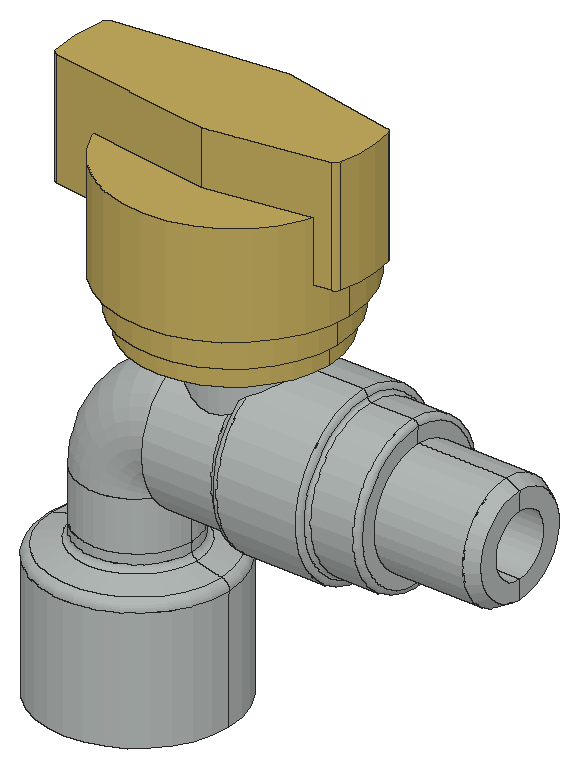
Revit family "QP21340000", category Apparecchi idraulici, Revit 2020
Family settings
  Quota connettore circolare = Usa diametro
  Tipo di parte = Normale
  Numero OmniClass = 23.45.00.00
  Titolo OmniClass = Sanitary, Laundry, and Cleaning Equipment
  Basato su piano di lavoro = No
  Sempre verticale = Sì
  Taglio con vuoti quando caricato = No
  Condiviso = No
  Punto di calcolo locali = No
Parameters
  URL = "https://web.cimberio.com/index.php/figura/122?subcategoria_id="
  Temperatura di esercizio = "-20 ÷ 60°C"
  Prospetto di default = 0 mm
  Produttore = "CIMBERIO SPA"
  Pressione nominale = "MOP 5"
  Modello = "Cim 153PG"
  Materiale = "Prodotto in lega di ottone conforme alla norma EN 12165-CW617N-DW"
  Descrizione = "Utilizzato nell’impiantistica distributiva di gas a bassa pressione per le categorie:\r\nGas naturali: gas derivati dal petrolio (Metano) e gas di ricambio.\r\nGas di città: prodotti secondo i diversi procedimenti (Cracking - Cokerie - ecc.).\r\nGas liquidi: propano e miscele di gas propano/butano"
  DN Model [instance] = QP21342077 : QP21342077
  DN [instance] = 9 mm
  Commenti sul tipo = "Realizzato in ottemperanza ai requisiti gestionali della norma EN ISO 9001.\r\nCollaudato al 100% secondo la normativa EN 12266-1"
Reference planes
  plane 1 "Centro (Fronte/Retro)": y = 0
  plane 2: z = 0
  plane 3 "Centro (Sinistra/Destra)": x = 0
Dimensions and locks
  aligned and locked: level to plane 2
Nested families
  nested 1: "QP21342077" at (0, 0, 0), type <- "DN Model", type "QP21342077"
  nested 2: "QP21342077" at (0, 0, 0), type <- "DN Model", type "QP21342077"
  nested 3: "QP21342077" at (0, 0, 0), type <- "DN Model", type "QP21342077"
  nested 4: "QP21342077" at (0, 0, 0), type <- "DN Model", type "QP21342077"
  nested 5: "QP21342077" at (0, 0, 0), type <- "DN Model", type "QP21342077"
  nested 6: "QP21342077" at (0, 0, 0), type <- "DN Model", type "QP21342077"
  nested 7: "QP21342077" at (0, 0, 0), type <- "DN Model", type "QP21342077"
  nested 8: "QP21342077" at (0, 0, 0), type <- "DN Model", type "QP21342077"
  nested 9: "QP21342077" at (0, 0, 0), type <- "DN Model", type "QP21342077"
  nested 10: "QP21342077" at (0, 0, 0), type <- "DN Model", type "QP21342077"
  nested 11: "QP21342077" at (0, 0, 0), type <- "DN Model", type "QP21342077"
  nested 12: "QP21342077" at (0, 0, 0), type <- "DN Model", type "QP21342077"
  nested 13: "QP21342077" at (0, 0, 0), type <- "DN Model", type "QP21342077"
Connectors
  piping at (40.291, 0, 0), diameter 9, driven by "DN"
    settings: on nested 1, index 1, connector inside diameter 609.6 mm, connector length 0 mm, flow factor 0, pipe flow 0.0 L/s, pressure drop 0.0 Pa, fitting loss kfactor 0, connector angle 0.00°, fixture units 0, engagement length 0 mm, angle of deflection 0.00°, flow configuration 0, flow direction 0, fitting loss method 0, system type 7, joint type 0, gender type 0, connector reference index -1, connector utility 0, adjustable connector no, is connector primary yes, connector description ""
  piping at (-16, 0, -38.997), diameter 9, driven by "DN"
    settings: on nested 1, index 2, connector inside diameter 609.6 mm, connector length 0 mm, flow factor 0, pipe flow 0.0 L/s, pressure drop 0.0 Pa, fitting loss kfactor 0, connector angle 0.00°, fixture units 0, engagement length 0 mm, angle of deflection 0.00°, flow configuration 0, flow direction 0, fitting loss method 0, system type 7, joint type 0, gender type 0, connector reference index -1, connector utility 0, adjustable connector no, is connector primary no, connector description ""
Definition of nested family "QP21342077"
  Parameters (values of type "QP21342077")
    URL = ""
    Default Elevation = 0 mm
    Manufacturer = ""
    Model = ""
    Description = ""
    Type Comments = ""
  Reference planes
    plane 1 "Centro (Fronte/Retro)": y = 0
    plane 2: z = 0
    plane 3 "Centro (Sinistra/Destra)": x = 0
  Forms (mm)
    Revolve 1, solid
      sketch origin (0.744, 0, 1.406) x (1, 0, 0) y (0, 0, 1)
        loop
          line (-0.744, 12.611) -> (11.586, 12.611) -> (11.586, 15.611) -> (12.747, 15.611) -> (12.747, 20.111) -> (14.547, 20.111) -> (14.547, 35.111) -> (-0.744, 35.111) -> (-0.744, 12.611)
        axis (-2.503, 12.611) -> (-2.503, 35.111)
      angle from 0 to 360
    Revolve 2, solid
      sketch origin (0.751, 0, 1.446) x (1, 0, 0) y (0, 0, 1)
        loop
          arc (3.746, 33.15) -> (3.6, 33.504) -> (3.246, 33.65) r 0.5
          line (3.246, 33.65) -> (-0.754, 33.65) -> (-0.754, 31.443) -> (3.746, 31.443) -> (3.746, 33.15)
        axis (-0.754, 33.65) -> (-0.754, 31.443)
      angle from 0 to 360
    Revolve 3, solid
      sketch origin (1.758, 0, 0) x (1, 0, 0) y (0, 0, 1)
        loop
          line (-0.754, 4.83) -> (7.416, 4.83) -> (7.416, 16.081) -> (-0.754, 16.081) -> (-0.754, 4.83)
        axis (-0.754, 16.081) -> (-0.754, 4.83)
      angle from 0 to 360
    Revolve 4, solid
      sketch origin (0, 0, 0) x (1, 0, 0) y (0, 0, 1)
        loop
          line (18.3, -11.083) -> (24.521, -11.083)
          arc (24.521, -11.083) -> (25.088, -10.848) -> (25.323, -10.281) r 0.802
          line (25.323, -10.281) -> (25.323, -4.5) -> (-6.523, -4.5) -> (-6.523, -10.983) -> (3.557, -10.983)
          arc (3.557, -10.983) -> (4.268, -11.328) -> (4.711, -11.983) r 1.528
          arc (4.711, -11.983) -> (5.077, -12.349) -> (5.577, -12.483) r 1
          line (5.577, -12.483) -> (17.3, -12.483)
          arc (17.3, -12.483) -> (17.636, -12.081) -> (17.8, -11.583) r 1.391
          arc (17.8, -11.583) -> (17.946, -11.229) -> (18.3, -11.083) r 0.5
        axis (-6.523, 0) -> (25.323, 0)
      angle from 0 to 360
    Revolve 5, solid
      sketch origin (0, 0, 0) x (1, 0, 0) y (0, 0, 1)
        loop
          line (-20.5, -16.475) -> (-24.012, -16.475) -> (-24.012, -17.826)
          arc (-24.012, -17.826) -> (-24.242, -18.384) -> (-24.75, -18.708) r 1
          line (-24.75, -18.708) -> (-28.397, -19.685)
          arc (-28.397, -19.685) -> (-29.199, -20.221) -> (-29.509, -21.134) r 1.5
          line (-29.509, -21.134) -> (-29.509, -38.997) -> (-20.5, -38.997) -> (-20.5, -16.475)
        axis (-16, -16.475) -> (-16, -38.997)
      angle from 0 to 360
    Sweep 6, solid
      path origin (0, 0, 0) x (1, 0, 0) y (0, 0, 1)
        loop
          arc (-6.523, 0) -> (-13.208, -2.611) -> (-16, -9.222) r 9.226
          line (-16, -9.222) -> (-16, -16.475)
      profile origin (-16, 0, -12.849) x (0, -1, 0) y (1, 0, 0)
        loop
          circle (0, 0) r 8
        loop
          circle (0, 0) r 4.5
    Revolve 7, solid
      sketch origin (0, 0, 0) x (1, 0, 0) y (0, 0, 1)
        loop
          line (25.291, 8.247) -> (25.291, 4.5) -> (40.291, 4.5) -> (40.291, 7.151) -> (38.434, 8.247) -> (25.291, 8.247)
        axis (40.291, 0) -> (25.291, 0)
      angle from 0 to 360
    Extrusion 8, solid
      sketch origin (0, 0, 0) x (1, 0, 0) y (0, 1, 0)
        loop
          arc (-23.779, 5.078) -> (-24.346, 4.809) -> (-24.642, 4.256) r 0.999
          arc (-24.642, 4.256) -> (-25.009, -0.012) -> (-24.642, -4.28) r 25
          arc (-24.642, -4.28) -> (-24.346, -4.833) -> (-23.779, -5.101) r 0.999
          line (-23.779, -5.101) -> (-0.167, -8.012) -> (16.654, -5.12)
          arc (16.654, -5.12) -> (17.164, -4.868) -> (17.454, -4.377) r 0.999
          arc (17.454, -4.377) -> (17.991, -0.012) -> (17.454, 4.354) r 18
          arc (17.454, 4.354) -> (17.164, 4.844) -> (16.654, 5.096) r 0.999
          line (16.654, 5.096) -> (-0.167, 7.988) -> (-23.779, 5.078)
      from 27.563 to 44.383
  Dimensions and locks
    aligned and locked: level to plane 2
